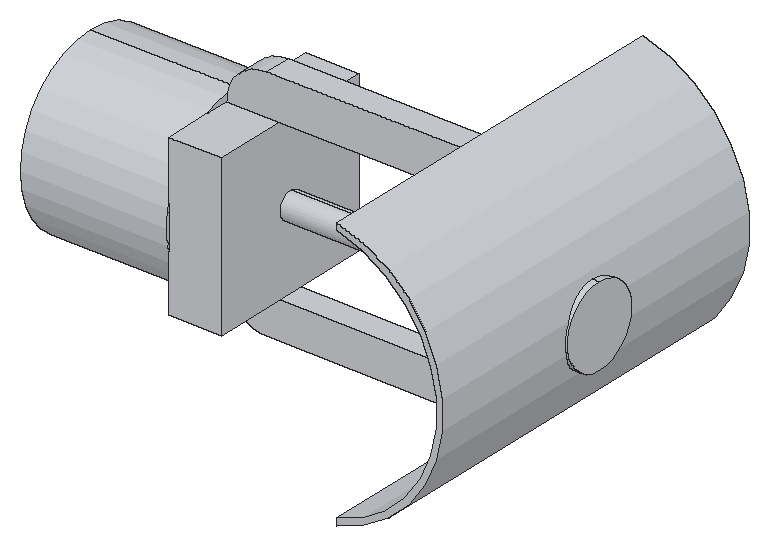
Revit family
Parameters (values of type "RASCO DH56")
  Temperature Rating = 200 °F
  Response = (empty or 0)
  RASCO SIN # = "RA1564"
  RASCO Part # = "DH562W"
  Pressure Rating = "250 PSI"
  Pressure Class = (empty or 0)
  Orifice Size = 1/2"
  Orifice = (empty or 0)
  Model = "DH56"
  Manufacturer = "RASCO"
  K-Factor = 5.6
  Diameter = 3/4"
  Description = "WHITE FINISH"
  Coverage = (empty or 0)
Reference planes (in)
  plane 1 "Center (Front/Back)": y = 0
  plane 2: z = 0
  plane 3 "Center (Left/Right)": x = 0
Nested families (in)
  nested 1: "RASCO- DH56" at (-1.19729, -7.05097, 1.17818) x (0, 0, -1) z (1, 0, 0), type "RASCO DH56"
Connectors (in)
  piping at (-1.19729, -7.05097, 1.17818)
    settings: on nested 1, index 1, connector radius 107/256", flow factor 0, pipe flow 0 GPM, pressure drop 0.00 psi, fitting loss kfactor 0, connector angle 0.00°, fixture units 0, flow configuration 0, flow direction 0, fitting loss method 0, system type 7, connector reference index -1, connector utility 0, adjustable connector no, is connector primary yes, fitting loss table "", connector description ""
Definition of nested family "RASCO- DH56"
  Parameters (values of type "RASCO DH56")
    Type Comments = ""
    Temperature Rating = 0 °F
    Response = (empty or 0)
    Pressure Rating = "0"
    Pressure Class = (empty or 0)
    Orifice Size = 0"
    Orifice = (empty or 0)
    Model = ""
    Manufacturer = ""
    K-Factor = 0
    Description = ""
    Coverage = (empty or 0)
    Assembly Code = ""
  Reference planes (in)
    plane 1 "Center (Front/Back)": y = 0
    plane 2: z = 0
    plane 3 "ref.2": z = 0.6875
    plane 4 "ref.3": z = 0.9375
    plane 5: x = -0.38065
    plane 6: x = 0.36935
    plane 7 "ref. side 1": y = 0.06402
    plane 8 "ref. side 2": y = -0.06098
    plane 9 "ref.4": z = 1.875
    plane 10 "ref.5": z = 2.3125
    plane 11 "ref.6": z = 2.378
  Forms (in)
    Extrusion 1, solid
      sketch origin (0, 0, 0) x (1, 0, 0) y (0, 1, 0)
        loop
          circle (0, 0) r 0.4175
      from 0 to 0.6875
    Extrusion 2, solid
      sketch origin (-0.12185, 0.05177, 0.6875) x (1, 0, 0) y (0, 1, 0)
        loop
          line (-0.2588, 0.356) -> (-0.2588, -0.4565) -> (0.4912, -0.4565) -> (0.4912, 0.356) -> (-0.2588, 0.356)
      from 0 to 0.25
    Extrusion 3, solid
      sketch origin (0, 0, 0) x (1, 0, 0) y (0, 0, 1)
        loop
          line (-0.38065, 0.68752) -> (-0.38065, 1.76416)
          arc (-0.38065, 1.76416) -> (-0.29541, 1.96995) -> (-0.08962, 2.05519) r 0.29103
          line (-0.08962, 2.05519) -> (0.07524, 2.05519)
          arc (0.07524, 2.05519) -> (0.28321, 1.96905) -> (0.36935, 1.76109) r 0.29411
          line (0.36935, 1.76109) -> (0.36935, 0.6882)
          arc (0.36935, 0.6882) -> (0.49296, 0.74898) -> (0.54293, 0.87734) r 0.18984
          line (0.54293, 0.87734) -> (0.54293, 1.86676)
          arc (0.54293, 1.86676) -> (0.41238, 2.18194) -> (0.09719, 2.3125) r 0.44574
          line (0.09719, 2.3125) -> (-0.12912, 2.3125)
          arc (-0.12912, 2.3125) -> (-0.44418, 2.182) -> (-0.57469, 1.86694) r 0.44556
          line (-0.57469, 1.86694) -> (-0.57469, 0.87876)
          arc (-0.57469, 0.87876) -> (-0.51768, 0.74254) -> (-0.38065, 0.68752) r 0.19126
      from -0.06402 to 0.06098
    Extrusion 4, solid
      sketch origin (0, 0, 0.9375) x (-1, 0, 0) y (0, -1, 0)
        loop
          circle (0.00574, -0.00152) r 0.0625
      from 0 to 1.07045
    Extrusion 5, solid
      sketch origin (0, 0, 1.875) x (-1, 0, 0) y (0, -1, 0)
        loop
          circle (0.00574, -0.00152) r 0.1875
      from 0.13295 to 0.51958
    Extrusion 6, solid
      sketch origin (0, 0, 0) x (1, 0, 0) y (0, 0, 1)
        loop
          arc (-0.62702, 1.88209) -> (-0.01911, 2.35421) -> (0.5888, 1.88209) r 0.62744
          line (0.5888, 1.88209) -> (0.61971, 1.88209)
          arc (0.61971, 1.88209) -> (-0.01911, 2.38421) -> (-0.65794, 1.88209) r 0.65744
          line (-0.65794, 1.88209) -> (-0.62702, 1.88209)
      from -0.89604 to 0.90264
  Cuts and joins
    joined: Extrusion 1, Extrusion 2, Extrusion 4
  Lines and regions (in)
    model lines
      curve 1: line (-0.00574, 0.06402, 1.875) -> (-0.00574, -0.06098, 1.875)
  Dimensions and locks (in)
    Extrusion 3 to Extrusion 3 = 0' - 1.11762"
    Extrusion 5 to cut or joined group of Extrusion 1, Extrusion 2, Extrusion 4 = 0' - 2.39458"
